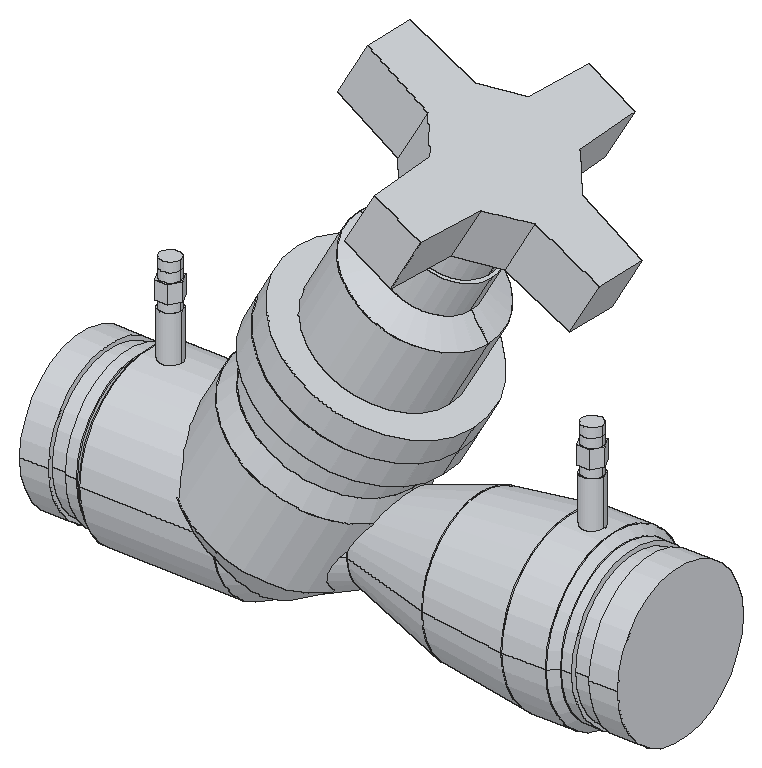
Revit family "447_d-DN065-RFA_2018", category Pipe Accessories, Revit 2018
Family settings
  Round Connector Dimension = Use Diameter
  Part Type = Valve - Breaks Into
  Work Plane-Based = No
  Always vertical = Yes
  Cut with Voids When Loaded = No
  Shared = No
Parameters (values of type "447_d-DN065")
  magiProductId = "356db372cd37496c9ff0d3ad255dc6"
  magiProductFamilyId = "eab8c084d85f47fc9aed3208e9defb"
  magiPartTypeId = 304
  isMeasuringValve [instance] = no
  ang2D [instance] = 0.00°
  W3 = 14.437 mm
  W2D = 100 mm
  W2 = 30.026 mm
  W1 = 12.736 mm
  VersionID = "2.0/2018.4.11.4/ZETKAMA_447_GROOVED_001"
  Use Minimum Symbol Size [instance] = yes
  URL = "www.hydronix.cz"
  Type Comments = "drážkový spoj; PN16; -10~+120°C;"
  R9 = 49.4 mm
  R8 = 20.9 mm
  R7 = 22.8 mm
  R6 = 45.6 mm
  R5 = 65 mm
  R4 = 20.9 mm
  R3 = 41.8 mm
  R2 = 36.1 mm
  R13 = 6.22 mm
  R12 = 4.868 mm
  R11 = 5.409 mm
  R1 = 38 mm
  R = 32.5 mm
  QmdConnectorList = "301;D;302;D"
  Productdata [instance] = ""
  Model = ""
  Manufacturer = "Hydronix"
  Maintenance Zone Under Depth [instance] = 38 mm
  Maintenance Zone Right Depth [instance] = 290 mm
  Maintenance Zone Over Depth [instance] = 220 mm
  Maintenance Zone Left Depth [instance] = 290 mm
  Maintenance Zone Front Depth [instance] = 130 mm
  Maintenance Zone Back Depth [instance] = 130 mm
  Maintenance Zone Front Visibility [instance] = no
  MC Product Code = "447 065 d (DN65; PN16 kvs83,3)"
  MC Piping Given Pressure Drop [instance] = 0.0 Pa
  L9 = 43.27 mm
  L8__ve = -L8  # -21.635 mm
  L8 = 21.635 mm
  L6 = 64.905 mm
  L5 = 4.143 mm
  L4__ve = -L4  # -5.524 mm
  L4 = 5.524 mm
  L3__ve = -L3  # -8.286 mm
  L3 = 8.286 mm
  L2__ve = -L2  # -13.81 mm
  L2D_Min = 3048 mm
  L2D = 350 mm
  L2 = 13.81 mm
  L13 = 10.817 mm
  L12 = 12.736 mm
  L11 = 14.437 mm
  L10 = 30.026 mm
  L1 = 145 mm
  KZ = 24.167 mm
  KL = 41.858 mm
  H9 = 5.774 mm
  H8 = 37.528 mm
  H7 = 14.434 mm
  H6 = 17.321 mm
  H5 = 11.547 mm
  H4 = 43.301 mm
  H17 = 8.8 mm
  H16 = 4.4 mm
  H15 = 63.8 mm
  H14 = 28.868 mm
  H13 = 21.651 mm
  H11 = 23.094 mm
  H10 = 20.207 mm
  Description = "Ruční vyvažovací ventil s drážkovým spojem"
  D = 65 mm
  CenSd_R13_6 = R13 * cos(30.00°)  # 5.387 mm
  Clearance Zone Height Depth [instance] = 220 mm
  Clearance Zone Circular Radius [instance] = 145 mm
  Clearance Zone Visibility [instance] = no
Types (10, lengths in mm): name | magiProductId | W3 | W2 | W1 | R9 | R8 | R7 | R6 | R5 | R4 | R3 | R2 | R13 | R12 | R11 | R1 | R | Maintenance Zone Under Depth | Maintenance Zone Right Depth | Maintenance Zone Over Depth | Maintenance Zone Left Depth | Maintenance Zone Front Depth | Maintenance Zone Back Depth | MC Product Code | L9 | L8__ve | L8 | L6 | L5 | L4__ve | L4 | L3__ve | L3 | L2__ve | L2 | L13 | L12 | L11 | L10 | L1 | KZ | KL | H9 | H8 | H7 | H6 | H5 | H4 | H17 | H16 | H15 | H14 | H13 | H11 | H10 | D | CenSd_R13_6 | Clearance Zone Height Depth | Clearance Zone Circular Radius
  447_d-DN100 | "e5a6bfdd9ca54003a0551f5d760c3c" | 14.437 | 30.026 | 12.736 | 74.1 | 31.35 | 34.2 | 68.4 | 65 | 31.35 | 62.7 | 54.15 | 7.507 | 5.875 | 6.528 | 57 | 50 | 57 | 350 | 240 | 350 | 130 | 130 | "447 100 d (DN100; PN16 kvs180,5)" | 52.222 | -26.111 | 26.111 | 78.333 | 5 | -6.667 | 6.667 | -10 | 10 | -16.667 | 16.667 | 13.056 | 12.736 | 14.437 | 30.026 | 175 | 29.167 | 50.518 | 6.389 | 41.531 | 15.973 | 19.168 | 12.779 | 47.92 | 9.6 | 4.8 | 86.7 | 31.947 | 23.96 | 25.557 | 22.363 | 100 | 6.501 | 240 | 175
  447_d-DN125 | "5795ec580370482d8c46e49d975863" | 14.437 | 30.026 | 12.736 | 91.65 | 38.775 | 42.3 | 84.6 | 65 | 38.775 | 77.55 | 66.975 | 8.579 | 6.714 | 7.46 | 70.5 | 62.5 | 71 | 400 | 260 | 400 | 130 | 130 | "447 125 d (DN125; PN16 kvs280,0)" | 59.683 | -29.841 | 29.841 | 89.524 | 5.714 | -7.619 | 7.619 | -11.429 | 11.429 | -19.048 | 19.048 | 14.921 | 12.736 | 14.437 | 30.026 | 200 | 33.333 | 57.735 | 7.005 | 45.534 | 17.513 | 21.016 | 14.01 | 52.539 | 10.4 | 5.2 | 103.55 | 35.026 | 26.269 | 28.021 | 24.518 | 125 | 7.43 | 260 | 200
  447_d-DN150 | "9b6b5ad10a674c51b522359e7e2d39" | 14.437 | 30.026 | 12.736 | 109.2 | 46.2 | 50.4 | 100.8 | 65 | 46.2 | 92.4 | 79.8 | 10.295 | 8.057 | 8.952 | 84 | 75 | 84 | 480 | 285 | 480 | 130 | 130 | "447 150 d (DN150; PN16 kvs383,4)" | 71.619 | -35.81 | 35.81 | 107.429 | 6.857 | -9.143 | 9.143 | -13.714 | 13.714 | -22.857 | 22.857 | 17.905 | 12.736 | 14.437 | 30.026 | 240 | 40 | 69.282 | 7.775 | 50.537 | 19.437 | 23.325 | 15.55 | 58.312 | 11.4 | 5.7 | 120.9 | 38.875 | 29.156 | 31.1 | 27.212 | 150 | 8.916 | 285 | 240
  447_d-DN200 | "f5a67fe5c2444fc986ed7f87b9a4ed" | 31.658 | 71.601 | 30.372 | 142.35 | 60.225 | 65.7 | 131.4 | 155 | 60.225 | 120.45 | 104.025 | 12.869 | 10.071 | 11.19 | 109.5 | 100 | 110 | 600 | 480 | 600 | 310 | 310 | "447 200 d (DN200; PN16 kvs710,0)" | 89.524 | -44.762 | 44.762 | 134.286 | 8.571 | -11.429 | 11.429 | -17.143 | 17.143 | -28.571 | 28.571 | 22.381 | 30.372 | 31.658 | 71.601 | 300 | 50 | 86.603 | 12.394 | 80.56 | 30.984 | 37.181 | 24.788 | 92.953 | 19.2 | 9.6 | 168.45 | 61.969 | 46.477 | 49.575 | 43.378 | 200 | 11.145 | 480 | 300
  447_d-DN250 | "7d63ae0d28f64990bc8ce3477101ef" | 31.658 | 71.601 | 30.372 | 177.45 | 75.075 | 81.9 | 163.8 | 155 | 75.075 | 150.15 | 129.675 | 15.657 | 12.254 | 13.615 | 136.5 | 125 | 137 | 730 | 525 | 730 | 310 | 310 | "447 250 d (DN250; PN16 kvs1187,5)" | 108.921 | -54.46 | 54.46 | 163.381 | 10.429 | -13.905 | 13.905 | -20.857 | 20.857 | -34.762 | 34.762 | 27.23 | 30.372 | 31.658 | 71.601 | 365 | 60.833 | 105.366 | 13.779 | 89.566 | 34.449 | 41.338 | 27.559 | 103.346 | 21 | 10.5 | 202.65 | 68.897 | 51.673 | 55.118 | 48.228 | 250 | 13.56 | 525 | 365
  447_d-DN300 | "0a2a34dba99a430aa7daf784d6b0c1" | 31.658 | 71.601 | 30.372 | 210.6 | 89.1 | 97.2 | 194.4 | 155 | 89.1 | 178.2 | 153.9 | 18.231 | 14.268 | 15.853 | 162 | 150 | 162 | 850 | 535 | 850 | 310 | 310 | "447 300 d (DN300; PN16 kvs1504,1)" | 126.825 | -63.413 | 63.413 | 190.238 | 12.143 | -16.19 | 16.19 | -24.286 | 24.286 | -40.476 | 40.476 | 31.706 | 30.372 | 31.658 | 71.601 | 425 | 70.833 | 122.687 | 14.087 | 91.568 | 35.218 | 42.262 | 28.175 | 105.655 | 21.4 | 10.7 | 231.7 | 70.437 | 52.828 | 56.349 | 49.306 | 300 | 15.789 | 535 | 425
  447_d-DN040 | "6dc4a6b5eb924103b02307904d600f" | 9.08 | 17.092 | 7.25 | 31.2 | 13.2 | 14.4 | 28.8 | 37 | 13.2 | 26.4 | 22.8 | 4.29 | 3.357 | 3.73 | 24 | 20 | 24 | 200 | 130 | 200 | 74 | 74 | "447 040 d (DN40; PN16 kvs22,36)" | 29.841 | -14.921 | 14.921 | 44.762 | 2.857 | -3.81 | 3.81 | -5.714 | 5.714 | -9.524 | 9.524 | 7.46 | 7.25 | 9.08 | 17.092 | 100 | 16.667 | 28.868 | 3.433 | 22.317 | 8.583 | 10.3 | 6.867 | 25.75 | 5.2 | 2.6 | 39.4 | 17.167 | 12.875 | 13.733 | 12.017 | 40 | 3.715 | 130 | 100
  447_d-DN050 | "b59a3d0ad4654cda90cee0c397c848" | 9.08 | 17.092 | 7.25 | 39 | 16.5 | 18 | 36 | 37 | 16.5 | 33 | 28.5 | 4.933 | 3.861 | 4.29 | 30 | 25 | 30 | 230 | 130 | 230 | 130 | 130 | "447 050 d (DN50; PN16 kvs32,15)" | 34.317 | -17.159 | 17.159 | 51.476 | 3.286 | -4.381 | 4.381 | -6.571 | 6.571 | -10.952 | 10.952 | 8.579 | 7.25 | 9.08 | 17.092 | 115 | 19.167 | 33.198 | 3.433 | 22.317 | 8.583 | 10.3 | 6.867 | 25.75 | 5.2 | 2.6 | 46 | 17.167 | 12.875 | 13.733 | 12.017 | 50 | 4.272 | 130 | 115
  447_d-DN065 | "356db372cd37496c9ff0d3ad255dc6" | 14.437 | 30.026 | 12.736 | 49.4 | 20.9 | 22.8 | 45.6 | 65 | 20.9 | 41.8 | 36.1 | 6.22 | 4.868 | 5.409 | 38 | 32.5 | 38 | 290 | 220 | 290 | 130 | 130 | "447 065 d (DN65; PN16 kvs83,3)" | 43.27 | -21.635 | 21.635 | 64.905 | 4.143 | -5.524 | 5.524 | -8.286 | 8.286 | -13.81 | 13.81 | 10.817 | 12.736 | 14.437 | 30.026 | 145 | 24.167 | 41.858 | 5.774 | 37.528 | 14.434 | 17.321 | 11.547 | 43.301 | 8.8 | 4.4 | 63.8 | 28.868 | 21.651 | 23.094 | 20.207 | 65 | 5.387 | 220 | 145
  447_d-DN080 | "f43aa02b4841429783243073d22ea7" | 14.437 | 30.026 | 12.736 | 57.85 | 24.475 | 26.7 | 53.4 | 65 | 24.475 | 48.95 | 42.275 | 6.649 | 5.204 | 5.782 | 44.5 | 40 | 45 | 310 | 220 | 310 | 130 | 130 | "447 080 d (DN80; PN16 kvs104,3)" | 46.254 | -23.127 | 23.127 | 69.381 | 4.429 | -5.905 | 5.905 | -8.857 | 8.857 | -14.762 | 14.762 | 11.563 | 12.736 | 14.437 | 30.026 | 155 | 25.833 | 44.745 | 5.774 | 37.528 | 14.434 | 17.321 | 11.547 | 43.301 | 8.8 | 4.4 | 70.95 | 28.868 | 21.651 | 23.094 | 20.207 | 80 | 5.758 | 220 | 155
Reference planes
  plane 1 "Center (Front/Back)": y = 0
  plane 2 "XYPLANE": z = 0
  plane 3 "Center (Left/Right)": x = 0
  plane 4 "159": y = 130
  plane 5 "158": y = -130
  plane 6 "157": z = -38
  plane 7 "156": z = 220
  plane 8 "155": x = -290
  plane 9 "154": x = 290
  plane 10 "132": z = 81.4
  plane 11 "125": z = 77
  plane 12 "120": z = 68.2
  plane 13 "119": z = 63.8
  plane 14 "112": x = 102.421
  plane 15 "111": x = -102.421
  plane 16 "109": y = -14.437
  plane 17 "108": y = 14.437
  plane 18 "105": through (349.78, 0, 664.08) normal (0.866, 0, -0.5)
  plane 19 "104": through (327.72, 0, 676.816) normal (0.866, 0, -0.5)
  plane 20 "103": y = -30.026
  plane 21 "102": y = -12.736
  plane 22 "101": y = 30.026
  plane 23 "100": y = 12.736
  plane 24 "99": through (326.247, 0, 677.667) normal (0.866, 0, -0.5)
  plane 25 "98": through (312.747, 0, 685.461) normal (0.866, 0, -0.5)
  plane 26 "97": through (351.253, 0, 663.229) normal (0.866, 0, -0.5)
  plane 27 "96": through (364.753, 0, 655.435) normal (0.866, 0, -0.5)
  plane 28 "95": y = -65
  plane 29 "94": y = 65
  plane 30 "93": through (395.042, 0, 637.948) normal (0.866, 0, -0.5)
  plane 31 "92": through (282.458, 0, 702.948) normal (0.866, 0, -0.5)
  plane 32 "88": x = 48.333
  plane 33 "87": x = 91.603
  plane 34 "81": through (-567.783, 0, 516.571) normal (0.5, 0, 0.866)
  plane 35 "80": through (-579.33, 0, 496.571) normal (0.5, 0, 0.866)
  plane 36 "75": through (-589.434, 0, 479.071) normal (0.5, 0, 0.866)
  plane 37 "72": through (-592.32, 0, 474.071) normal (0.5, 0, 0.866)
  plane 38 "68": through (-611.084, 0, 441.571) normal (0.5, 0, 0.866)
  plane 39 "67": through (-618.301, 0, 429.071) normal (0.5, 0, 0.866)
  plane 40 "62": through (-672.428, 0, 335.321) normal (0.5, 0, 0.866)
  plane 41 "61": through (-625.518, 0, 416.571) normal (0.5, 0, 0.866)
  plane 42 "58": through (-634.178, 0, 401.571) normal (0.5, 0, 0.866)
  plane 43 "56": through (-639.952, 0, 391.571) normal (0.5, 0, 0.866)
  plane 44 "51": y = 0
  plane 45 "49": through (338.75, 0, 670.448) normal (0.866, 0, -0.5)
  plane 46 "48": through (-661.602, 0, 354.071) normal (0.5, 0, 0.866)
  plane 47 "30": x = 113.238
  plane 48 "29": x = 117.381
  plane 49 "28": x = 122.905
  plane 50 "27": x = 131.19
  plane 51 "14": x = -48.333
  plane 52 "13": x = -113.238
  plane 53 "12": x = -117.381
  plane 54 "11": x = -122.905
  plane 55 "10": x = -131.19
  plane 56 "8": x = -145
  plane 57 "7": x = 145
  plane 58 "6": y = 0
  plane 59 "5": x = 0
  plane 60 "4": z = 0
  plane 61 "45XY": through (-649.519, 0, 375) normal (0.5, 0, 0.866)
  plane 62 "45XZ": y = 0
  plane 63 "45YZ": through (375, 0, 649.519) normal (0.866, 0, -0.5)
Forms (mm)
  Blend 1, solid, visible <- "Maintenance Zone Front Visibility"
    base sketch origin (-750, 0, -38) x (1, 0, 0) y (0, 1, 0)
      loop
        line (460, 130) -> (460, -130) -> (1040, -130) -> (1040, 130) -> (460, 130)
    top sketch origin (-750, 0, -38) x (1, 0, 0) y (0, 1, 0)
      loop
        line (460, 130) -> (460, -130) -> (1040, -130) -> (1040, 130) -> (460, 130)
    from 0 to 258
  Extrusion 2, solid, visible <- "Clearance Zone Visibility"
    sketch origin (-750, 0, 0) x (1, 0, 0) y (0, 1, 0)
      loop
        circle (750, 0) r 145
    from 0 to 220 <- "Clearance Zone Height Depth"
  Extrusion 3, solid
    sketch origin (-750, 0, 81.4) x (1, 0, 0) y (0, 1, 0)
      loop
        circle (852.421, 0) r 4.868
    from 0 to 4.4 <- "H16"
  Extrusion 4, solid
    sketch origin (-750, 0, 77) x (1, 0, 0) y (0, 1, 0)
      loop
        circle (852.421, 0) r 4.868
    from 0 to 4.4 <- "H16"
  Extrusion 5, solid
    sketch origin (-750, 0, 81.4) x (1, 0, 0) y (0, 1, 0)
      loop
        circle (647.579, 0) r 4.868
    from 0 to 4.4 <- "H16"
  Extrusion 6, solid
    sketch origin (-750, 0, 77) x (1, 0, 0) y (0, 1, 0)
      loop
        circle (647.579, 0) r 4.868
    from 0 to 4.4 <- "H16"
  Extrusion 7, solid
    sketch origin (-750, 0, 68.2) x (1, 0, 0) y (0, 1, 0)
      loop
        line (858.641, 0) -> (855.531, 5.387) -> (849.311, 5.387) -> (846.201, 0) -> (849.311, -5.387) -> (855.531, -5.387) -> (858.641, 0)
    from 0 to 8.8 <- "H17"
  Extrusion 8, solid
    sketch origin (-750, 0, 68.2) x (1, 0, 0) y (0, 1, 0)
      loop
        line (653.799, 0) -> (650.689, 5.387) -> (644.469, 5.387) -> (641.359, 0) -> (644.469, -5.387) -> (650.689, -5.387) -> (653.799, 0)
    from 0 to 8.8 <- "H17"
  Extrusion 9, solid
    sketch origin (-750, 0, 63.8) x (1, 0, 0) y (0, 1, 0)
      loop
        circle (852.421, 0) r 4.868
    from 0 to 4.4 <- "H16"
  Extrusion 10, solid
    sketch origin (-750, 0, 63.8) x (1, 0, 0) y (0, 1, 0)
      loop
        circle (647.579, 0) r 4.868
    from 0 to 4.4 <- "H16"
  Extrusion 11, solid
    sketch origin (-750, 0, 0) x (1, 0, 0) y (0, 1, 0)
      loop
        circle (852.421, 0) r 5.409
    from 0 to 63.8 <- "H15"
  Extrusion 12, solid
    sketch origin (-750, 0, 0) x (1, 0, 0) y (0, 1, 0)
      loop
        circle (647.579, 0) r 5.409
    from 0 to 63.8 <- "H15"
  Extrusion 13, solid
    sketch origin (-567.783, 0, 516.571) x (0.866025, 0, -0.5) y (0, 1, 0)
      loop
        line (643.142, 12.736) -> (643.142, -12.736) -> (678.116, -14.437) -> (693.705, -30.026) -> (695.406, -65) -> (720.879, -65) -> (722.579, -30.026) -> (738.168, -14.437) -> (773.142, -12.736) -> (773.142, 12.736) -> (738.168, 14.437) -> (722.579, 30.026) -> (720.879, 65) -> (695.406, 65) -> (693.705, 30.026) -> (678.116, 14.437) -> (643.142, 12.736)
    from 0 to 28.868 <- "H14"
  Blend 14, solid
    base sketch origin (91.603, -750, 0) x (0, 1, 0) y (0, 0, 1)
      loop
        circle (750, 0) r 41.8
    top sketch origin (91.603, -750, 0) x (0, 1, 0) y (0, 0, 1)
      loop
        circle (750, 0) r 36.1
    from 0 to -43.27
  Extrusion 15, solid
    sketch origin (-618.301, 0, 429.071) x (0.866025, 0, -0.5) y (0, 1, 0)
      loop
        circle (708.142, 0) r 49.4
    from 0 to 14.434 <- "H7"
  Extrusion 16, solid
    sketch origin (-625.518, 0, 416.571) x (0.866025, 0, -0.5) y (0, 1, 0)
      loop
        circle (708.142, 0) r 49.4
    from 0 to 14.434 <- "H7"
  Extrusion 17, solid
    sketch origin (-579.33, 0, 496.571) x (0.866025, 0, -0.5) y (0, 1, 0)
      loop
        circle (708.142, 0) r 20.9
    from 0 to 23.094 <- "H11"
  Blend 18, solid
    base sketch origin (-592.32, 0, 474.071) x (0.866025, 0, -0.5) y (0, 1, 0)
      loop
        circle (708.142, 0) r 36.1
    top sketch origin (-592.32, 0, 474.071) x (0.866025, 0, -0.5) y (0, 1, 0)
      loop
        circle (708.142, 0) r 22.8
    from 0 to 5.774
  Extrusion 19, solid
    sketch origin (-611.084, 0, 441.571) x (0.866025, 0, -0.5) y (0, 1, 0)
      loop
        circle (708.142, 0) r 36.1
    from 0 to 37.528 <- "H8"
  Extrusion 20, solid
    sketch origin (-589.434, 0, 479.071) x (0.866025, 0, -0.5) y (0, 1, 0)
      loop
        circle (708.142, 0) r 22.8
    from 0 to 20.207 <- "H10"
  Blend 21, solid
    base sketch origin (-661.602, 0, 354.071) x (0.866025, 0, -0.5) y (0, 1, 0)
      loop
        circle (708.142, 0) r 45.6
    top sketch origin (-661.602, 0, 354.071) x (0.866025, 0, -0.5) y (0, 1, 0)
      loop
        circle (708.142, 0) r 32.5
    from 0 to -21.651
  Extrusion 22, solid
    sketch origin (-634.178, 0, 401.571) x (0.866025, 0, -0.5) y (0, 1, 0)
      loop
        circle (708.142, 0) r 41.8
    from 0 to 17.321 <- "H6"
  Blend 23, solid
    base sketch origin (-639.952, 0, 391.571) x (0.866025, 0, -0.5) y (0, 1, 0)
      loop
        circle (708.142, 0) r 45.6
    top sketch origin (-639.952, 0, 391.571) x (0.866025, 0, -0.5) y (0, 1, 0)
      loop
        circle (708.142, 0) r 41.8
    from 0 to 11.547
  Extrusion 24, solid
    sketch origin (-661.602, 0, 354.071) x (0.866025, 0, -0.5) y (0, 1, 0)
      loop
        circle (708.142, 0) r 45.6
    from 0 to 43.301 <- "H4"
  Extrusion 25, solid
    sketch origin (145, -750, 0) x (0, 1, 0) y (0, 0, 1)
      loop
        circle (750, 0) r 38
    from 0 to -13.81 <- "L2__ve"
  Extrusion 26, solid
    sketch origin (131.19, -750, 0) x (0, 1, 0) y (0, 0, 1)
      loop
        circle (750, 0) r 36.1
    from 0 to -8.286 <- "L3__ve"
  Extrusion 27, solid
    sketch origin (122.905, -750, 0) x (0, 1, 0) y (0, 0, 1)
      loop
        circle (750, 0) r 38
    from 0 to -5.524 <- "L4__ve"
  Blend 28, solid
    base sketch origin (117.381, -750, 0) x (0, 1, 0) y (0, 0, 1)
      loop
        circle (750, 0) r 38
    top sketch origin (117.381, -750, 0) x (0, 1, 0) y (0, 0, 1)
      loop
        circle (750, 0) r 41.8
    from 0 to -4.143
  Extrusion 29, solid
    sketch origin (113.238, -750, 0) x (0, 1, 0) y (0, 0, 1)
      loop
        circle (750, 0) r 41.8
    from 0 to -21.635 <- "L8__ve"
  Blend 30, solid
    base sketch origin (48.333, -750, 0) x (0, 1, 0) y (0, 0, 1)
      loop
        circle (750, 0) r 36.1
    top sketch origin (48.333, -750, 0) x (0, 1, 0) y (0, 0, 1)
      loop
        circle (750, 0) r 20.9
    from 0 to -48.333
  Blend 31, solid
    base sketch origin (-48.333, -750, 0) x (0, 1, 0) y (0, 0, 1)
      loop
        circle (750, 0) r 41.8
    top sketch origin (-48.333, -750, 0) x (0, 1, 0) y (0, 0, 1)
      loop
        circle (750, 0) r 20.9
    from 0 to 48.333
  Extrusion 32, solid
    sketch origin (-113.238, -750, 0) x (0, 1, 0) y (0, 0, 1)
      loop
        circle (750, 0) r 41.8
    from 0 to 64.905 <- "L6"
  Blend 33, solid
    base sketch origin (-117.381, -750, 0) x (0, 1, 0) y (0, 0, 1)
      loop
        circle (750, 0) r 38
    top sketch origin (-117.381, -750, 0) x (0, 1, 0) y (0, 0, 1)
      loop
        circle (750, 0) r 41.8
    from 0 to 4.143
  Extrusion 34, solid
    sketch origin (-122.905, -750, 0) x (0, 1, 0) y (0, 0, 1)
      loop
        circle (750, 0) r 38
    from 0 to 5.524 <- "L4"
  Extrusion 35, solid
    sketch origin (-131.19, -750, 0) x (0, 1, 0) y (0, 0, 1)
      loop
        circle (750, 0) r 36.1
    from 0 to 8.286 <- "L3"
  Extrusion 36, solid
    sketch origin (-145, -750, 0) x (0, 1, 0) y (0, 0, 1)
      loop
        circle (750, 0) r 38
    from 0 to 13.81 <- "L2"
  Extrusion 37, solid, not visible
    sketch origin (-145, -750, 0) x (0, 1, 0) y (0, 0, 1)
      loop
        circle (750, 0) r 10
    from 0 to 10
  Extrusion 38, solid, not visible
    sketch origin (145, -750, 0) x (0, 1, 0) y (0, 0, 1)
      loop
        circle (750, 0) r 10
    from 0 to -10
Lines and regions (mm)
  reference lines, not visible
    curve 1: circle (2, 2, 0) r 1 normal (0, 0, 1)
  reference lines
    curve 2: line (102.421, 0, 68.2) -> (100.544, 3.251, 68.2)
    curve 3: line (102.421, 0, 68.2) -> (98.667, 0, 68.2)
    curve 4: line (102.421, 0, 68.2) -> (100.544, -3.251, 68.2)
    curve 5: line (-102.421, 0, 68.2) -> (-104.297, 3.251, 68.2)
    curve 6: line (-102.421, 0, 68.2) -> (-106.174, 0, 68.2)
    curve 7: line (-102.421, 0, 68.2) -> (-104.297, -3.251, 68.2)
Dimensions and locks
  plane 1 "Center (Front/Back)" to curve 1 = 2 mm
  "Maintenance Zone Back Depth": plane 1 "Center (Front/Back)" to plane 4 "159"
  "Maintenance Zone Front Depth": plane 1 "Center (Front/Back)" to plane 5 "158"
  "Maintenance Zone Under Depth": plane 2 "XYPLANE" to plane 6 "157"
  "Maintenance Zone Over Depth": plane 2 "XYPLANE" to plane 7 "156"
  "Maintenance Zone Left Depth": plane 3 "Center (Left/Right)" to plane 8 "155"
  "Maintenance Zone Right Depth": plane 3 "Center (Left/Right)" to plane 9 "154"
  "H16": plane 11 "125" to plane 10 "132"
  "H17": plane 12 "120" to plane 11 "125"
  "H16": plane 13 "119" to plane 12 "120"
  "H15": plane 2 "XYPLANE" to plane 13 "119"
  "L13": plane 47 "30" to plane 14 "112"
  "L13": plane 52 "13" to plane 15 "111"
  "W3": plane 44 "51" to plane 16 "109"
  "W3": plane 44 "51" to plane 17 "108"
  "L12": plane 45 "49" to plane 18 "105"
  "L12": plane 45 "49" to plane 19 "104"
  "W2": plane 58 "6" to plane 20 "103"
  "W1": plane 58 "6" to plane 21 "102"
  "W2": plane 58 "6" to plane 22 "101"
  "W1": plane 58 "6" to plane 23 "100"
  "L11": plane 45 "49" to plane 24 "99"
  "L10": plane 45 "49" to plane 25 "98"
  "L11": plane 45 "49" to plane 26 "97"
  "L10": plane 45 "49" to plane 27 "96"
  "R5": plane 58 "6" to plane 28 "95"
  "R5": plane 58 "6" to plane 29 "94"
  "R5": plane 45 "49" to plane 30 "93"
  "R5": plane 45 "49" to plane 31 "92"
  "L9": plane 33 "87" to plane 32 "88"
  "L8": plane 47 "30" to plane 33 "87"
  "H11": plane 35 "80" to plane 34 "81"
  "H10": plane 36 "75" to plane 35 "80"
  "H9": plane 37 "72" to plane 36 "75"
  "H8": plane 38 "68" to plane 37 "72"
  "H7": plane 39 "67" to plane 38 "68"
  "H7": plane 41 "61" to plane 39 "67"
  "H13": plane 46 "48" to plane 40 "62"
  "H6": plane 42 "58" to plane 41 "61"
  "H5": plane 43 "56" to plane 42 "58"
  "H4": plane 46 "48" to plane 43 "56"
  locked: plane 58 "6" to plane 44 "51"
  "KL": plane 63 "45YZ" to plane 45 "49"
  "KZ": plane 61 "45XY" to plane 46 "48"
  "L5": plane 48 "29" to plane 47 "30"
  "L4": plane 49 "28" to plane 48 "29"
  "L3": plane 50 "27" to plane 49 "28"
  "L2": plane 57 "7" to plane 50 "27"
  "L6": plane 52 "13" to plane 51 "14"
  "L5": plane 53 "12" to plane 52 "13"
  "L4": plane 54 "11" to plane 53 "12"
  "L3": plane 55 "10" to plane 54 "11"
  "L2": plane 56 "8" to plane 55 "10"
  "L1": plane 3 "Center (Left/Right)" to plane 56 "8"
  "L1": plane 3 "Center (Left/Right)" to plane 57 "7"
  locked: plane 1 "Center (Front/Back)" to plane 58 "6"
  locked: plane 3 "Center (Left/Right)" to plane 59 "5"
  locked: plane 2 "XYPLANE" to plane 60 "4"
  Blend 1 sketch curve to Blend 1 sketch curve = 0 mm  (x16)
  "CenSd_R13_6": curve 2 to Extrusion 7 sketch curve  (x2)
  "CenSd_R13_6": curve 3 to Extrusion 7 sketch curve  (x2)
  "CenSd_R13_6": curve 4 to Extrusion 7 sketch curve  (x2)
  Extrusion 7 sketch curve to Extrusion 7 sketch curve = 0 mm  (x12)
  "CenSd_R13_6": curve 5 to Extrusion 8 sketch curve  (x2)
  "CenSd_R13_6": curve 6 to Extrusion 8 sketch curve  (x2)
  "CenSd_R13_6": curve 7 to Extrusion 8 sketch curve  (x2)
  Extrusion 8 sketch curve to Extrusion 8 sketch curve = 0 mm  (x12)
  Extrusion 13 sketch curve to Extrusion 13 sketch curve = 0 mm  (x32)
  "Clearance Zone Circular Radius": radius of Extrusion 2 sketch curve
  "R12": radius of Extrusion 3 sketch curve
  "R12": radius of Extrusion 4 sketch curve
  "R12": radius of Extrusion 5 sketch curve
  "R12": radius of Extrusion 6 sketch curve
  "R12": radius of Extrusion 9 sketch curve
  "R12": radius of Extrusion 10 sketch curve
  "R11": radius of Extrusion 11 sketch curve
  "R11": radius of Extrusion 12 sketch curve
  "R2": radius of Blend 14 sketch curve
  "R3": radius of Blend 14 sketch curve
  "R9": radius of Extrusion 15 sketch curve
  "R9": radius of Extrusion 16 sketch curve
  "R8": radius of Extrusion 17 sketch curve
  "R7": radius of Blend 18 sketch curve
  "R2": radius of Blend 18 sketch curve
  "R2": radius of Extrusion 19 sketch curve
  "R7": radius of Extrusion 20 sketch curve
  "R": radius of Blend 21 sketch curve
  "R6": radius of Blend 21 sketch curve
  "R3": radius of Extrusion 22 sketch curve
  "R3": radius of Blend 23 sketch curve
  "R6": radius of Blend 23 sketch curve
  "R6": radius of Extrusion 24 sketch curve
  "R1": radius of Extrusion 25 sketch curve
  "R2": radius of Extrusion 26 sketch curve
  "R1": radius of Extrusion 27 sketch curve
  "R3": radius of Blend 28 sketch curve
  "R1": radius of Blend 28 sketch curve
  "R3": radius of Extrusion 29 sketch curve
  "R4": radius of Blend 30 sketch curve
  "R2": radius of Blend 30 sketch curve
  "R4": radius of Blend 31 sketch curve
  "R3": radius of Blend 31 sketch curve
  "R3": radius of Extrusion 32 sketch curve
  "R3": radius of Blend 33 sketch curve
  "R1": radius of Blend 33 sketch curve
  "R1": radius of Extrusion 34 sketch curve
  "R2": radius of Extrusion 35 sketch curve
  "R1": radius of Extrusion 36 sketch curve
  locked: curve 3 to curve 2 (angle 60.00°)
  locked: curve 4 to curve 3 (angle 60.00°)
  locked: curve 4 to curve 2 (angle 120.00°)
  locked: curve 6 to curve 5 (angle 60.00°)
  locked: curve 7 to curve 6 (angle 60.00°)
  locked: curve 7 to curve 5 (angle 120.00°)
  aligned and locked: level to plane 2 "XYPLANE"
  aligned and locked: Blend 1 sketch curve to plane 8 "155"  (x2)
  aligned and locked: plane 4 "159" to Blend 1 sketch curve  (x4)
  aligned and locked: plane 5 "158" to Blend 1 sketch curve  (x4)
  aligned and locked: plane 8 "155" to Blend 1 sketch curve  (x2)
  aligned and locked: plane 9 "154" to Blend 1 sketch curve  (x4)
  aligned and locked: plane 7 "156" to Blend 1
  aligned and locked: plane 58 "6" to Extrusion 2 sketch curve
  aligned and locked: plane 59 "5" to Extrusion 2 sketch curve
  aligned and locked: plane 14 "112" to Extrusion 3 sketch curve
  aligned and locked: plane 58 "6" to Extrusion 3 sketch curve
  aligned and locked: plane 14 "112" to Extrusion 4 sketch curve
  aligned and locked: plane 58 "6" to Extrusion 4 sketch curve
  aligned and locked: plane 15 "111" to Extrusion 5 sketch curve
  aligned and locked: plane 58 "6" to Extrusion 5 sketch curve
  aligned and locked: plane 15 "111" to Extrusion 6 sketch curve
  aligned and locked: plane 58 "6" to Extrusion 6 sketch curve
  aligned and locked: plane 14 "112" to curve 4
  aligned and locked: plane 58 "6" to curve 4
  aligned and locked: plane 15 "111" to curve 6
  aligned and locked: plane 58 "6" to curve 6
  aligned and locked: plane 14 "112" to Extrusion 9 sketch curve
  aligned and locked: plane 58 "6" to Extrusion 9 sketch curve
  aligned and locked: plane 15 "111" to Extrusion 10 sketch curve
  aligned and locked: plane 58 "6" to Extrusion 10 sketch curve
  aligned and locked: plane 14 "112" to Extrusion 11 sketch curve
  aligned and locked: plane 58 "6" to Extrusion 11 sketch curve
  aligned and locked: plane 15 "111" to Extrusion 12 sketch curve
  aligned and locked: plane 58 "6" to Extrusion 12 sketch curve
  aligned and locked: Extrusion 13 sketch curve to plane 31 "92"  (x2)
  aligned and locked: plane 23 "100" to Extrusion 13 sketch curve  (x2)
  aligned and locked: plane 21 "102" to Extrusion 13 sketch curve  (x2)
  aligned and locked: plane 16 "109" to Extrusion 13 sketch curve  (x2)
  aligned and locked: Extrusion 13 sketch curve to plane 25 "98"
  aligned and locked: plane 20 "103" to Extrusion 13 sketch curve  (x2)
  aligned and locked: Extrusion 13 sketch curve to plane 24 "99"
  aligned and locked: plane 28 "95" to Extrusion 13 sketch curve  (x2)
  aligned and locked: Extrusion 13 sketch curve to plane 19 "104"
  aligned and locked: Extrusion 13 sketch curve to plane 18 "105"
  aligned and locked: Extrusion 13 sketch curve to plane 26 "97"
  aligned and locked: Extrusion 13 sketch curve to plane 27 "96"
  aligned and locked: Extrusion 13 sketch curve to plane 30 "93"
  aligned and locked: plane 30 "93" to Extrusion 13 sketch curve
  aligned and locked: plane 17 "108" to Extrusion 13 sketch curve  (x2)
  aligned and locked: plane 27 "96" to Extrusion 13 sketch curve
  aligned and locked: plane 22 "101" to Extrusion 13 sketch curve  (x2)
  aligned and locked: plane 26 "97" to Extrusion 13 sketch curve
  aligned and locked: plane 18 "105" to Extrusion 13 sketch curve
  aligned and locked: plane 29 "94" to Extrusion 13 sketch curve  (x2)
  aligned and locked: plane 19 "104" to Extrusion 13 sketch curve
  aligned and locked: plane 24 "99" to Extrusion 13 sketch curve
  aligned and locked: plane 25 "98" to Extrusion 13 sketch curve
  aligned and locked: Blend 14 sketch curve to plane 58 "6"  (x2)
  aligned and locked: plane 60 "4" to Blend 14 sketch curve  (x2)
  aligned and locked: Blend 14 to plane 32 "88"
  aligned and locked: plane 44 "51" to Extrusion 15 sketch curve
  aligned and locked: Extrusion 15 sketch curve to plane 45 "49"
  aligned and locked: plane 44 "51" to Extrusion 16 sketch curve
  aligned and locked: Extrusion 16 sketch curve to plane 45 "49"
  aligned and locked: plane 44 "51" to Extrusion 17 sketch curve
  aligned and locked: Extrusion 17 sketch curve to plane 45 "49"
  aligned and locked: plane 44 "51" to Blend 18 sketch curve  (x2)
  aligned and locked: Blend 18 sketch curve to plane 45 "49"  (x2)
  aligned and locked: plane 36 "75" to Blend 18
  aligned and locked: plane 44 "51" to Extrusion 19 sketch curve
  aligned and locked: Extrusion 19 sketch curve to plane 45 "49"
  aligned and locked: plane 44 "51" to Extrusion 20 sketch curve
  aligned and locked: Extrusion 20 sketch curve to plane 45 "49"
  aligned and locked: plane 44 "51" to Blend 21 sketch curve  (x2)
  aligned and locked: Blend 21 sketch curve to plane 45 "49"  (x2)
  aligned and locked: Blend 21 to plane 40 "62"
  aligned and locked: plane 44 "51" to Extrusion 22 sketch curve
  aligned and locked: Extrusion 22 sketch curve to plane 45 "49"
  aligned and locked: plane 44 "51" to Blend 23 sketch curve  (x2)
  aligned and locked: Blend 23 sketch curve to plane 45 "49"  (x2)
  aligned and locked: plane 42 "58" to Blend 23
  aligned and locked: plane 44 "51" to Extrusion 24 sketch curve
  aligned and locked: Extrusion 24 sketch curve to plane 45 "49"
  aligned and locked: Extrusion 25 sketch curve to plane 58 "6"
  aligned and locked: plane 60 "4" to Extrusion 25 sketch curve
  aligned and locked: Extrusion 26 sketch curve to plane 58 "6"
  aligned and locked: plane 60 "4" to Extrusion 26 sketch curve
  aligned and locked: Extrusion 27 sketch curve to plane 58 "6"
  aligned and locked: plane 60 "4" to Extrusion 27 sketch curve
  aligned and locked: Blend 28 sketch curve to plane 58 "6"  (x2)
  aligned and locked: plane 60 "4" to Blend 28 sketch curve  (x2)
  aligned and locked: Blend 28 to plane 47 "30"
  aligned and locked: Extrusion 29 sketch curve to plane 58 "6"
  aligned and locked: plane 60 "4" to Extrusion 29 sketch curve
  aligned and locked: Blend 30 sketch curve to plane 58 "6"  (x2)
  aligned and locked: plane 60 "4" to Blend 30 sketch curve  (x2)
  aligned and locked: Blend 30 to plane 59 "5"
  aligned and locked: Blend 31 sketch curve to plane 58 "6"  (x2)
  aligned and locked: plane 60 "4" to Blend 31 sketch curve  (x2)
  aligned and locked: plane 59 "5" to Blend 31
  aligned and locked: Extrusion 32 sketch curve to plane 58 "6"
  aligned and locked: plane 60 "4" to Extrusion 32 sketch curve
  aligned and locked: Blend 33 sketch curve to plane 58 "6"  (x2)
  aligned and locked: plane 60 "4" to Blend 33 sketch curve  (x2)
  aligned and locked: plane 52 "13" to Blend 33
  aligned and locked: Extrusion 34 sketch curve to plane 58 "6"
  aligned and locked: plane 60 "4" to Extrusion 34 sketch curve
  aligned and locked: Extrusion 35 sketch curve to plane 58 "6"
  aligned and locked: plane 60 "4" to Extrusion 35 sketch curve
  aligned and locked: Extrusion 36 sketch curve to plane 58 "6"
  aligned and locked: plane 60 "4" to Extrusion 36 sketch curve
  aligned and locked: Extrusion 37 sketch curve to plane 58 "6"
  aligned and locked: plane 60 "4" to Extrusion 37 sketch curve
  aligned and locked: Extrusion 38 sketch curve to plane 58 "6"
  aligned and locked: plane 60 "4" to Extrusion 38 sketch curve
Automatic sketch dimensions
  plane 21 "102" to Extrusion 37 sketch curve = 2.736 mm
  plane 21 "102" to Extrusion 38 sketch curve = 2.736 mm
  plane 3 "Center (Left/Right)" to curve 1 = 2 mm
  radius of curve 1 = 1 mm
Connectors
  piping at (-145, 0, 0), diameter 65, driven by "D"
    settings: on Extrusion 37, index 1, connector inside diameter 609.6 mm, connector length 0 mm, flow factor 0, pipe flow 0.0 L/s, pressure drop 0.0 Pa, fitting loss kfactor 0, connector angle 0.00°, fixture units 0, engagement length 0 mm, angle of deflection 0.00°, flow configuration 0, flow direction 0, fitting loss method 0, system type 29, joint type 0, gender type 0, connector reference index 2, connector utility 0, adjustable connector no, is connector primary yes, connector description ""
  piping at (145, 0, 0), diameter 65, driven by "D"
    settings: on Extrusion 38, index 2, connector inside diameter 609.6 mm, connector length 0 mm, flow factor 0, pipe flow 0.0 L/s, pressure drop 0.0 Pa, fitting loss kfactor 0, connector angle 0.00°, fixture units 0, engagement length 0 mm, angle of deflection 0.00°, flow configuration 0, flow direction 0, fitting loss method 0, system type 29, joint type 0, gender type 0, connector reference index 1, connector utility 0, adjustable connector no, is connector primary no, connector description ""
